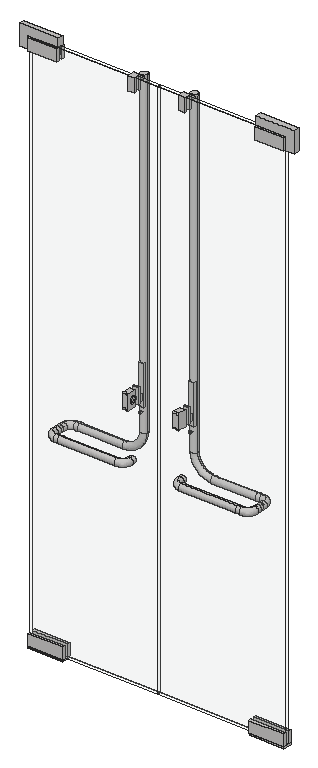
Revit family "Doors_Swing_Avanti_Systems_Pivot-Frameless-Pair-Swing-Door-Dbl-Glazed", category Doors, Revit 2015 (continued)
Definition of nested family "Pivot Door Bottom Free Swing Pivot Option"
  Dimensions and locks (in)
    plane 5 to plane 1 "Center (Front/Back)" to plane 4 = 0.41339" locked, 2.31496" locked
    plane 1 "Center (Front/Back)" to plane 6 = 3/16"
    locked: plane 8 to level at 0.45276
    locked: plane 9 to plane 10 at 0.45276
    "Glass Thickness Control": level to plane 9
    equal spacing: level, plane 11, plane 9
    plane 12 to plane 11 to plane 13 = 0.76969" locked, 0.76969" locked
    plane 7 to plane 14 to plane 15 to plane 3 "Center (Left/Right)" = 2.31507" locked, 4.03237" locked, 0.20769" locked
    locked: plane 17 to plane 4 at 0.57874
    locked: plane 16 to plane 7 at 0.40354
    locked: plane 19 to plane 16 at 0.70866
    locked: plane 20 to plane 3 "Center (Left/Right)" at 2.22678
    plane 21 to plane 11 to plane 22 = 0.62342" locked, 0.62342" locked
    plane 23 to plane 20 to plane 24 = 0.62342" locked, 0.62342" locked
    locked: plane 25 to plane 5 at 1.1811
    locked: plane 15 to plane 26 at 0.52066
    locked: plane 27 to plane 14 at 0.51485
    locked: plane 25 to plane 28 at 0.7874
    plane 1 "Center (Front/Back)" to plane 30 to plane 17 = 0.60237", 1.13386"
    locked: plane 9 to plane 32 at 0.25001
    locked: plane 31 to level at 0.25001
    locked: plane 7 to plane 33 at 0.03937
    locked: plane 34 to plane 3 "Center (Left/Right)" at 0.03937
    aligned and locked: plane 2 to Extrusion 1
    aligned and locked: level to Extrusion 1
    aligned and locked: Extrusion 2 sketch curve to plane 4
    aligned and locked: Extrusion 2 sketch curve to plane 3 "Center (Left/Right)"
    aligned and locked: Extrusion 2 sketch curve to plane 6
    aligned and locked: Extrusion 2 sketch curve to plane 7
    aligned and locked: plane 9 to Extrusion 2
    aligned and locked: plane 10 to Extrusion 2
    aligned and locked: Extrusion 3 sketch curve to plane 4
    aligned and locked: Extrusion 3 sketch curve to plane 7
    aligned and locked: Extrusion 3 sketch curve to plane 6
    aligned and locked: Extrusion 3 sketch curve to plane 3 "Center (Left/Right)"
    aligned and locked: Extrusion 4 sketch curve to plane 3 "Center (Left/Right)"
    aligned and locked: Extrusion 4 sketch curve to plane 4
    aligned and locked: Extrusion 4 sketch curve to plane 7
    aligned and locked: Extrusion 4 sketch curve to plane 6
    aligned and locked: plane 10 to Extrusion 3
    aligned and locked: plane 9 to Extrusion 3
    aligned and locked: Extrusion 4 to level
    aligned and locked: plane 8 to Extrusion 4
    aligned and locked: plane 6 to Extrusion 5
    aligned and locked: plane 3 "Center (Left/Right)" to Extrusion 6 sketch curve
    aligned and locked: plane 7 to Extrusion 6 sketch curve
    aligned and locked: Extrusion 6 to plane 13
    aligned and locked: Extrusion 6 to plane 12
  Automatic sketch dimensions
    Extrusion 1 sketch curve to Extrusion 1 sketch curve = 96"  (x2)
    Extrusion 5 sketch curve to plane 11 = 0"
    Extrusion 5 sketch curve to plane 26 = 0.00025"
    Extrusion 6 sketch curve to plane 1 "Center (Front/Back)" = 0.03198"
    plane 1 "Center (Front/Back)" to Extrusion 6 sketch curve = 0.14671"
    radius of Extrusion 5 sketch curve = 0.19685"
Definition of nested family "Pivot Door Top Free Swing Pivot"
  Parameters (values of type "Glass Thickness 8.0 mm")
    Youtube clip = "https://www.youtube.com/watch?time_continue=4&v=5oOBSi0owgs"
    Weight Net (Kg) = "0.63"
    Uniformat II Description = ""
    Uniformat II Code = ""
    Uniclass 2015 Name = ""
    Uniclass 2015 Code = ""
    Uniclass 2.0 Description = ""
    Uniclass 2.0 Code = ""
    Uniclass 1.4 Description = ""
    Uniclass 1.4 Code = ""
    URL = "http://www.colcomgroup.it"
    UNSPSC Code = ""
    Technical description = "http://www.minusco.com/images/pdf/schede-tecniche/05_PORTE_ESTERNE.pdf"
    Region South America = "All"
    Region Oceania = "All"
    Region North America = "All"
    Region Middle East = "All"
    Region Europe = "All"
    Region Asia = "All"
    Region Antarctica = "All"
    Region Africa = "All"
    QR code = "http://bimobject.com/colcom/product/Top-Hinge-Unica-100E20"
    Product url = "http://www.minusco.com/images/pdf/schede-tecniche/05_PORTE_ESTERNE.pdf"
    Product group = "Top Free hinge"
    Product family = "Glass Hardware"
    Product data url = "https://bimobject.com/colcom/product/Top-Hinge-Unica-100E20"
    Product certification = ""
    Product SKU = "Top-Hinge-Unica-100E20"
    Product Material [instance] = none
    Product Instructions = "Outer doors. Glass thickness from 8mm to 13,52mm .Maximum door width 1000mm. Maximum door weight 100 Kg."  # constant formula
    Product Guid = "7bd65d41-e2c5-4b08-8bdf-08c516c9f22f"
    OmniClass Description = ""
    OmniClass Code = ""
    Nominal width = 6.5748"
    Nominal height = 2.20472"
    NBS Reference Description = ""
    NBS Reference Code = ""
    Model = "Top Hinge Unica 100E20"
    Material secondary = "Steel"
    Material main = "Aluminium"
    Masterformat 2014 Description = ""
    Masterformat 2014 Code = ""
    Manufacturer name = "Colcom"
    Manufacturer country = "Italy"
    Manufacturer = "Colcom"
    Keynote = "08700"
    Installation instructions = ""
    IFC Classification = ""
    Glass Thickness Control [instance] = 0.31496"
    Glass Thickness = 0"
    Edition number = 1
    EAN code = ""
    Design country = "Italy"
    Description = "Top hinge for Hydraulic Hinge 101E10/101E10NF/101E10SF/101E10L"
    Default Elevation = 0"
    Date of publishing = ""
    COBIe Type Category = ""
    Brand url = ""
    BIMobject main category code = ""
    BIMobject main category = ""
    BIMobject category code = ""
    BIMobject category = ""
    Assembly Code = "C1020410"
  Reference planes (in)
    plane 1 "Center (Front/Back)": y = 0
    plane 2: z = 0
    plane 3 "Center (Left/Right)": x = 0
    plane 4: y = 2.31496
    plane 5: y = -0.41339
    plane 6: y = 0.11024
    plane 7: x = 5.5
    plane 8: z = 0.45276
    plane 9: z = -0.31496
    plane 10: z = -0.76772
    plane 11: z = -0.15748
    plane 12: z = 0.6122
    plane 13: z = -0.92717
    plane 14: x = 4.24005
    plane 15: x = 0.20769
    plane 16: x = 5.09646
    plane 17: y = 1.73622
    plane 18: x = 4.3878
    plane 19: x = 2.22678
    plane 20: z = 0.46594
    plane 21: z = -0.7809
    plane 22: x = 1.60336
    plane 23: x = 2.85019
    plane 24: y = -1.59449
    plane 25: x = 0.72835
    plane 26: x = 3.72521
    plane 27: y = -0.80709
    plane 28: y = 1.98032
    plane 29: y = 0.60237
    plane 30: z = 0.25001
    plane 31: z = -0.56497
    plane 32: x = 5.53937
    plane 33: x = -0.03937
    plane 34: y = 1.2126
    plane 35: y = 0.41339
    plane 36: y = 0.68898
    plane 37: y = 2.23622
  Forms (in)
    Extrusion 1, solid
      sketch origin (0, 0, 0) x (1, 0, 0) y (0, 1, 0)
        loop
          line (-48, 48) -> (-48, -48) -> (48, -48) -> (48, 48) -> (-48, 48)
      from 0 to -12
    Extrusion 2, solid, material <- "Product Material"
      sketch origin (3.06299, -180, -0.5315) x (-1, 0, 0) y (0, -1, 0)
        loop
          line (-2.43701, -182.31496) -> (3.06299, -182.31496) -> (3.06299, -180.11024) -> (-2.43701, -180.11024) -> (-2.43701, -182.31496)
      from -0.23622 to 0.21654
    Extrusion 3, solid, material <- "Product Material"
      sketch origin (3.06299, -180, -0.5315) x (-1, 0, 0) y (0, -1, 0)
        loop
          line (-2.43701, -182.31496) -> (3.06299, -182.31496) -> (3.06299, -180.11024) -> (-2.43701, -180.11024) -> (-2.43701, -182.31496)
      from 0.5315 to 0.98425
    Extrusion 4, solid, material <- "Product Material"
      sketch origin (3.06299, -180, -0.5315) x (-1, 0, 0) y (0, -1, 0)
        loop
          line (2.85531, -182.31496) -> (2.85531, -180.68898) -> (-2.03346, -180.68898) -> (-2.03346, -182.31496) -> (2.85531, -182.31496)
      from 0.21654 to 0.5315
  Dimensions and locks (in)
    plane 5 to plane 1 "Center (Front/Back)" to plane 4 = 0.41339" locked, 2.31496" locked
    locked: plane 1 "Center (Front/Back)" to plane 6 at 0.11024
    locked: plane 8 to level at 0.45276
    locked: plane 9 to plane 10 at 0.45276
    "Glass Thickness Control": level to plane 9
    equal spacing: level, plane 11, plane 9
    plane 12 to plane 11 to plane 13 = 0.76969" locked, 0.76969" locked
    locked: plane 17 to plane 4 at 0.57874
    locked: plane 16 to plane 7 at 0.40354
    locked: plane 18 to plane 16 at 0.70866
    locked: plane 19 to plane 3 "Center (Left/Right)" at 2.22678
    plane 20 to plane 11 to plane 21 = 0.62342" locked, 0.62342" locked
    plane 22 to plane 19 to plane 23 = 0.62342" locked, 0.62342" locked
    locked: plane 24 to plane 5 at 1.1811
    locked: plane 15 to plane 25 at 0.52066
    locked: plane 26 to plane 14 at 0.51485
    locked: plane 24 to plane 27 at 0.7874
    plane 1 "Center (Front/Back)" to plane 29 to plane 17 = 0.60237", 1.13386"
    locked: plane 9 to plane 31 at 0.25001
    locked: plane 30 to level at 0.25001
    locked: plane 7 to plane 32 at 0.03937
    locked: plane 33 to plane 3 "Center (Left/Right)" at 0.03937
    equal spacing: plane 6, plane 34, plane 4
    locked: plane 36 to plane 6 at 0.57874
    locked: plane 37 to plane 4 at 0.07874
    Extrusion 3 to Extrusion 3 = 5 1/2"
    locked: plane 7 to plane 33 at 5.53937
    aligned and locked: plane 2 to Extrusion 1
    aligned and locked: level to Extrusion 1
    aligned and locked: Extrusion 2 sketch curve to plane 4
    aligned and locked: Extrusion 2 sketch curve to plane 3 "Center (Left/Right)"
    aligned and locked: Extrusion 2 sketch curve to plane 6
    aligned and locked: Extrusion 2 sketch curve to plane 7
    aligned and locked: Extrusion 3 sketch curve to plane 4
    aligned and locked: Extrusion 3 sketch curve to plane 3 "Center (Left/Right)"
    aligned and locked: Extrusion 3 sketch curve to plane 6
    aligned and locked: Extrusion 3 sketch curve to plane 7
    aligned and locked: Extrusion 3 to level
    aligned and locked: plane 8 to Extrusion 3
    aligned and locked: plane 9 to Extrusion 2
    aligned and locked: plane 10 to Extrusion 2
    aligned and locked: Extrusion 4 sketch curve to plane 16
    aligned and locked: Extrusion 4 sketch curve to plane 15
    aligned and locked: Extrusion 4 to plane 9
    aligned and locked: level to Extrusion 4
    aligned and locked: plane 4 to Extrusion 4 sketch curve
    aligned and locked: plane 36 to Extrusion 4 sketch curve
  Automatic sketch dimensions
    Extrusion 1 sketch curve to Extrusion 1 sketch curve = 96"  (x2)
Definition of nested family "Recessed Floor Closer - Elevation"
  Reference planes (in)
    plane 1 "Center (Front/Back)": y = 0
    plane 2: z = 0
    plane 3 "Center (Left/Right)": x = 0
  Lines and regions (in)
    model lines, in view "Ref. Level"
      curve 1: line (7.18456, 0, 0) -> (7.53314, 0, 0)
      curve 2: line (-2.0721, -0.11624, 0) -> (-3.00164, -0.11624, 0)
      curve 3: line (8.89669, -0.11624, 0) -> (8.38522, -0.11624, 0)
      curve 4: line (-1.84, 0, 0) -> (-1.55577, 0, 0)
      curve 5: line (-1.55577, 0, 0) -> (-1.49142, 0, 0)
      curve 6: arc (0.61969, 0, 0) -> (0.65371, -0.08219, 0) -> (0.73589, -0.11624, 0) r 0.11619
      curve 7: arc (-0.73589, -0.11624, 0) -> (-0.65372, -0.08221, 0) -> (-0.61969, -0.00005, 0) r 0.11619
      curve 8: line (8.32712, -0.11624, 0) -> (8.32712, -2.22707, 0)
      curve 9: line (8.32712, -2.22707, 0) -> (-2.014, -2.22707, 0)
      curve 10: line (-2.014, -2.22707, 0) -> (-2.014, -0.11624, 0)
      curve 11: arc (4.93697, -0.32926, 0) -> (5.02675, -0.36198, 0) -> (5.12145, -0.37467, 0) r 0.44269
      curve 12: arc (6.01869, -0.50358, 0) -> (5.97995, -0.40943, 0) -> (5.88426, -0.37467, 0) r 0.12595
      curve 13: arc (-0.98859, -2.01405, 0) -> (-1.01198, -1.96981, 0) -> (-1.05754, -1.9491, 0) r 0.07746
      curve 14: arc (2.23102, -1.9324, 0) -> (2.26915, -1.91661, 0) -> (2.28494, -1.87849, 0) r 0.05391
      curve 15: arc (-0.98859, -2.01405, 0) -> (-1.01198, -1.96981, 0) -> (-1.05754, -1.9491, 0) r 0.07746
      curve 16: line (4.05806, -1.49349, 0) -> (4.06976, -1.51341, 0)
      curve 17: line (4.05806, -1.40163, 0) -> (4.0949, -1.42913, 0)
      curve 18: line (2.3963, -1.87849, 0) -> (2.36082, -1.98804, 0)
      curve 19: line (2.33499, -2.01405, 0) -> (2.43976, -1.99686, 0)
      curve 20: line (2.43976, -1.99686, 0) -> (2.5209, -2.01405, 0)
      curve 21: line (2.36082, -1.98804, 0) -> (2.32981, -2.01405, 0)
      curve 22: line (2.3963, -1.87849, 0) -> (2.39485, -0.368, 0)
      curve 23: line (2.51583, -0.25184, 0) -> (2.51602, -0.2713, 0)
      curve 24: line (5.09475, -0.15497, 0) -> (5.12145, -0.1649, 0)
      curve 25: line (2.51583, -0.16218, 0) -> (2.51504, -0.15497, 0)
      curve 26: line (2.3111, -0.33011, 0) -> (2.32193, -0.3217, 0)
      curve 27: line (2.28494, -0.36799, 0) -> (2.3111, -0.33011, 0)
      curve 28: line (2.32193, -0.3217, 0) -> (2.39732, -0.2818, 0)
      curve 29: line (2.51602, -0.2713, 0) -> (2.47831, -0.28084, 0)
      curve 30: line (2.47228, -0.29053, 0) -> (2.39485, -0.36799, 0)
      curve 31: line (2.47228, -0.29053, 0) -> (2.39485, -0.368, 0)
      curve 32: line (4.93697, -0.32926, 0) -> (4.80856, -0.29053, 0)
      curve 33: line (5.86382, -1.53009, 0) -> (6.11965, -1.27426, 0)
      curve 34: line (5.94518, -0.29317, 0) -> (6.06391, -0.29317, 0)
      curve 35: line (6.09155, -0.29317, 0) -> (6.06391, -0.29317, 0)
      curve 36: line (6.11965, -0.30669, 0) -> (6.09155, -0.29317, 0)
      curve 37: line (7.11028, -0.16408, 0) -> (7.10882, -0.15646, 0)
      curve 38: line (4.06517, -1.85715, 0) -> (4.05806, -1.84734, 0)
      curve 39: line (5.91956, -0.16845, 0) -> (5.92391, -0.15497, 0)
      curve 40: line (-1.53415, -0.15497, 0) -> (-1.53612, -0.16371, 0)
      curve 41: line (5.86382, -1.42913, 0) -> (6.01869, -1.27426, 0)
      curve 42: line (5.94518, -0.29317, 0) -> (5.91956, -0.27169, 0)
      curve 43: line (4.06976, -1.51341, 0) -> (4.09028, -1.53009, 0)
      curve 44: line (4.06517, -1.87849, 0) -> (4.08977, -1.9324, 0)
      curve 45: line (7.08568, -1.9324, 0) -> (7.11028, -1.87849, 0)
      curve 46: arc (7.62029, -0.1356, 0) -> (7.61461, -0.12191, 0) -> (7.60092, -0.11624, 0) r 0.01937
      curve 47: arc (3.91178, -0.81339, 0) -> (3.90611, -0.7997, 0) -> (3.89241, -0.79403, 0) r 0.01937
      curve 48: arc (3.66003, -0.79403, 0) -> (3.64634, -0.7997, 0) -> (3.64066, -0.81339, 0) r 0.01937
      curve 49: arc (7.19425, -0.11624, 0) -> (7.18055, -0.12191, 0) -> (7.17488, -0.1356, 0) r 0.01937
      curve 50: arc (-1.89781, -1.83976, 0) -> (-1.87512, -1.89453, 0) -> (-1.82035, -1.91722, 0) r 0.07746
      curve 51: arc (-1.26843, -0.11624, 0) -> (-1.28213, -0.12191, 0) -> (-1.2878, -0.1356, 0) r 0.01937
      curve 52: arc (1.2878, -0.1356, 0) -> (1.28213, -0.12191, 0) -> (1.26843, -0.11624, 0) r 0.01937
      curve 53: arc (-1.26843, -0.11624, 0) -> (-1.28213, -0.12191, 0) -> (-1.2878, -0.1356, 0) r 0.01937
      curve 54: arc (3.53321, -1.82622, 0) -> (3.54456, -1.85361, 0) -> (3.57195, -1.86496, 0) r 0.03873
      curve 55: arc (4.05806, -1.35947, 0) -> (4.04672, -1.33209, 0) -> (4.01933, -1.32074, 0) r 0.03873
      curve 56: arc (3.57195, -1.32074, 0) -> (3.54456, -1.33209, 0) -> (3.53321, -1.35947, 0) r 0.03873
      curve 57: line (7.59124, -0.30989, 0) -> (7.62029, -0.30989, 0)
      curve 58: line (7.62029, -0.30989, 0) -> (7.62029, -0.1356, 0)
      curve 59: line (7.62029, -0.1356, 0) -> (7.62029, -0.30989, 0)
      curve 60: line (7.60092, -0.11624, 0) -> (7.48666, -0.11624, 0)
      curve 61: line (3.68327, -1.86689, 0) -> (3.68327, -2.22707, 0)
      curve 62: line (3.68327, -2.22707, 0) -> (3.86918, -2.22707, 0)
      curve 63: line (3.86918, -2.22707, 0) -> (3.86918, -1.86689, 0)
      curve 64: line (3.89241, -0.94895, 0) -> (3.89241, -0.97914, 0)
      curve 65: line (3.89241, -0.97914, 0) -> (3.89241, -1.32074, 0)
      curve 66: line (4.01933, -1.32074, 0) -> (3.89241, -1.32074, 0)
      curve 67: line (3.89241, -1.32074, 0) -> (3.66003, -1.32074, 0)
      curve 68: line (3.66003, -1.32074, 0) -> (3.66003, -0.97914, 0)
      curve 69: line (3.66003, -0.97914, 0) -> (3.66003, -0.94895, 0)
      curve 70: line (3.89241, -0.79403, 0) -> (3.81495, -0.79403, 0)
      curve 71: line (3.81495, -0.79403, 0) -> (3.80527, -0.85212, 0)
      curve 72: line (3.80527, -0.85212, 0) -> (3.74717, -0.85212, 0)
      curve 73: line (3.74717, -0.85212, 0) -> (3.73749, -0.79403, 0)
      curve 74: line (3.73749, -0.79403, 0) -> (3.66003, -0.79403, 0)
      curve 75: line (3.64066, -0.81339, 0) -> (3.64066, -0.94895, 0)
      curve 76: line (3.64066, -0.94895, 0) -> (3.91178, -0.94895, 0)
      curve 77: line (3.91178, -0.94895, 0) -> (3.91178, -0.81339, 0)
      curve 78: line (7.20393, -0.17433, 0) -> (7.22329, -0.17433, 0)
      curve 79: line (7.22329, -0.17433, 0) -> (7.59124, -0.17433, 0)
      curve 80: line (7.59124, -0.17433, 0) -> (7.59124, -0.32926, 0)
      curve 81: line (7.59124, -0.32926, 0) -> (7.23298, -0.32926, 0)
      curve 82: line (7.23298, -0.32926, 0) -> (7.20393, -0.32926, 0)
      curve 83: line (7.20393, -0.32926, 0) -> (7.20393, -0.17433, 0)
      curve 84: line (7.19425, -0.40672, 0) -> (7.23298, -0.40672, 0)
      curve 85: line (7.23298, -0.40672, 0) -> (7.64933, -0.40672, 0)
      curve 86: line (7.64933, -0.40672, 0) -> (7.64933, -0.32926, 0)
      curve 87: line (7.64933, -0.32926, 0) -> (7.23298, -0.32926, 0)
      curve 88: line (7.23298, -0.32926, 0) -> (7.19425, -0.32926, 0)
      curve 89: line (7.19425, -0.32926, 0) -> (7.14583, -0.32926, 0)
      curve 90: line (7.14583, -0.32926, 0) -> (7.14583, -0.40672, 0)
      curve 91: line (7.14583, -0.40672, 0) -> (7.19425, -0.40672, 0)
      curve 92: line (7.19425, -0.40672, 0) -> (7.23298, -0.40672, 0)
      curve 93: line (7.23298, -0.40672, 0) -> (7.52346, -0.40672, 0)
      curve 94: line (7.17488, -0.1356, 0) -> (7.17488, -0.30989, 0)
      curve 95: line (7.17488, -0.30989, 0) -> (7.20393, -0.30989, 0)
      curve 96: line (7.55251, -0.11624, 0) -> (7.46343, -0.11624, 0)
      curve 97: line (7.26203, -1.10387, 0) -> (7.26203, -0.96057, 0)
      curve 98: line (7.26203, -0.96057, 0) -> (7.11872, -0.96057, 0)
      curve 99: line (7.11872, -0.96057, 0) -> (7.11872, -0.40672, 0)
      curve 100: line (7.11872, -0.40672, 0) -> (7.24266, -0.40672, 0)
      curve 101: line (7.24266, -0.40672, 0) -> (7.43631, -0.40672, 0)
      curve 102: line (7.43631, -0.40672, 0) -> (7.64933, -0.40672, 0)
      curve 103: line (7.64933, -0.40672, 0) -> (7.64933, -1.80103, 0)
      curve 104: line (7.64933, -1.80103, 0) -> (7.43631, -1.97532, 0)
      curve 105: line (7.43631, -1.97532, 0) -> (7.11872, -1.97532, 0)
      curve 106: line (7.11872, -1.97532, 0) -> (7.11872, -1.56864, 0)
      curve 107: line (7.11872, -1.56864, 0) -> (7.26203, -1.56864, 0)
      curve 108: line (7.26203, -1.56864, 0) -> (7.26203, -0.96057, 0)
      curve 109: line (7.43631, -1.97532, 0) -> (7.43631, -0.52291, 0)
      curve 110: line (7.43631, -0.52291, 0) -> (7.64933, -0.52291, 0)
      curve 111: line (7.43631, -0.52291, 0) -> (7.24266, -0.52291, 0)
      curve 112: line (7.24266, -0.52291, 0) -> (7.11872, -0.52291, 0)
      curve 113: line (7.1652, -1.56864, 0) -> (7.1652, -0.96057, 0)
      curve 114: line (-1.83971, -0.48418, 0) -> (-1.83971, -1.10387, 0)
      curve 115: line (-1.83971, -1.10387, 0) -> (-1.83971, -1.85912, 0)
      curve 116: line (-1.83971, -1.85912, 0) -> (-1.52987, -1.85912, 0)
      curve 117: line (-1.52987, -1.85912, 0) -> (-1.52987, -1.91722, 0)
      curve 118: line (-1.52987, -1.91722, 0) -> (-1.60249, -1.91722, 0)
      curve 119: line (-1.60249, -1.91722, 0) -> (-1.82035, -1.91722, 0)
      curve 120: line (-1.89781, -1.83976, 0) -> (-1.89781, -1.15132, 0)
      curve 121: line (-1.89781, -1.15132, 0) -> (-1.89781, -1.10387, 0)
      curve 122: line (-1.89781, -1.10387, 0) -> (-1.89781, -0.49386, 0)
      curve 123: line (-1.89781, -0.49386, 0) -> (-1.89781, -0.48418, 0)
      curve 124: line (-1.89781, -0.48418, 0) -> (-1.83971, -0.48418, 0)
      curve 125: line (-1.83971, -0.48418, 0) -> (-1.83971, -0.5384, 0)
      curve 126: line (-1.2878, -0.1356, 0) -> (-1.2878, -0.15497, 0)
      curve 127: line (-0.73589, -0.11624, 0) -> (0, -0.11624, 0)
      curve 128: line (0, -0.11624, 0) -> (0.73589, -0.11624, 0)
      curve 129: line (1.2878, -0.15497, 0) -> (1.2878, -0.1356, 0)
      curve 130: line (-0.74557, -0.11624, 0) -> (-1.26843, -0.11624, 0)
      curve 131: line (3.53321, -1.82622, 0) -> (3.53321, -1.35947, 0)
      curve 132: line (3.57195, -1.86496, 0) -> (3.66003, -1.86496, 0)
      curve 133: line (3.66003, -1.86496, 0) -> (3.89241, -1.86496, 0)
      curve 134: line (3.89241, -1.86496, 0) -> (4.05806, -1.86496, 0)
      curve 135: line (4.05806, -1.86496, 0) -> (4.05806, -1.85445, 0)
      curve 136: line (4.05806, -1.84734, 0) -> (4.05806, -1.85445, 0)
      curve 137: line (4.05806, -1.85445, 0) -> (4.05806, -1.49349, 0)
      curve 138: line (4.05806, -1.49349, 0) -> (4.05806, -1.40163, 0)
      curve 139: line (4.05806, -1.40163, 0) -> (4.05806, -1.38844, 0)
      curve 140: line (4.05806, -1.38844, 0) -> (4.05806, -1.35947, 0)
      curve 141: line (3.66003, -1.32074, 0) -> (3.57195, -1.32074, 0)
      curve 142: line (5.12145, -0.37467, 0) -> (5.12145, -0.1649, 0)
      curve 143: line (5.12145, -0.1649, 0) -> (5.12145, -0.37467, 0)
      curve 144: line (5.12145, -0.37467, 0) -> (5.86772, -0.37467, 0)
      curve 145: line (5.86772, -0.37467, 0) -> (5.88426, -0.37467, 0)
      curve 146: line (6.01869, -0.50358, 0) -> (6.01869, -1.27426, 0)
      curve 147: line (6.01869, -1.27426, 0) -> (6.01869, -0.50358, 0)
      curve 148: line (3.68327, -2.01405, 0) -> (2.55854, -2.01405, 0)
      curve 149: line (2.55854, -2.01405, 0) -> (2.5209, -2.01405, 0)
      curve 150: line (-0.98859, -2.01405, 0) -> (2.23102, -2.01405, 0)
      curve 151: line (2.23102, -2.01405, 0) -> (2.306, -2.01405, 0)
      curve 152: line (2.306, -2.01405, 0) -> (2.32981, -2.01405, 0)
      curve 153: line (2.28494, -1.87849, 0) -> (2.28494, -0.36799, 0)
      curve 154: line (2.51583, -0.25184, 0) -> (2.51583, -0.16218, 0)
      curve 155: line (5.86772, -0.15497, 0) -> (5.10856, -0.15497, 0)
      curve 156: line (5.10856, -0.15497, 0) -> (5.09475, -0.15497, 0)
      curve 157: line (5.09475, -0.15497, 0) -> (5.0365, -0.15497, 0)
      curve 158: line (5.0365, -0.15497, 0) -> (5.02826, -0.15497, 0)
      curve 159: line (5.02826, -0.15497, 0) -> (4.93742, -0.15497, 0)
      curve 160: line (4.93742, -0.15497, 0) -> (4.93697, -0.32926, 0)
      curve 161: line (4.80856, -0.29053, 0) -> (4.74402, -0.29053, 0)
      curve 162: line (4.74402, -0.29053, 0) -> (4.73572, -0.29053, 0)
      curve 163: line (4.73572, -0.29053, 0) -> (2.81287, -0.29053, 0)
      curve 164: line (2.81287, -0.29053, 0) -> (2.55113, -0.29053, 0)
      curve 165: line (2.55113, -0.29053, 0) -> (2.49738, -0.29053, 0)
      curve 166: line (2.49738, -0.29053, 0) -> (2.47228, -0.29053, 0)
      curve 167: line (2.47228, -0.29053, 0) -> (2.46333, -0.29053, 0)
      curve 168: line (4.93742, -0.15497, 0) -> (4.73572, -0.15497, 0)
      curve 169: line (4.73572, -0.15691, 0) -> (2.7403, -0.15691, 0)
      curve 170: line (2.7403, -0.15497, 0) -> (2.51504, -0.15497, 0)
      curve 171: line (2.51504, -0.15497, 0) -> (2.4564, -0.15497, 0)
      curve 172: line (2.4564, -0.15497, 0) -> (2.44879, -0.15497, 0)
      curve 173: line (2.44879, -0.15497, 0) -> (2.39732, -0.15497, 0)
      curve 174: line (6.11965, -0.30669, 0) -> (6.11965, -0.31568, 0)
      curve 175: line (6.11965, -0.31568, 0) -> (6.11965, -1.27426, 0)
      curve 176: line (-1.60733, -0.15497, 0) -> (-1.60733, -0.8133, 0)
      curve 177: line (-1.60733, -0.8133, 0) -> (-1.72352, -0.8133, 0)
      curve 178: line (-1.72352, -0.8133, 0) -> (-1.73901, -0.8133, 0)
      curve 179: line (2.23102, -1.9324, 0) -> (-1.22785, -1.9324, 0)
      curve 180: line (-1.22785, -1.9324, 0) -> (-1.05754, -1.9491, 0)
      curve 181: line (-1.05754, -1.9491, 0) -> (-1.22785, -1.9324, 0)
      curve 182: line (-1.22785, -1.9324, 0) -> (-1.5105, -1.90469, 0)
      curve 183: line (-1.5105, -1.90469, 0) -> (-1.5105, -1.85912, 0)
      curve 184: line (-1.5105, -1.85912, 0) -> (-1.60733, -1.85912, 0)
      curve 185: line (-1.60733, -1.85912, 0) -> (-1.60733, -1.00695, 0)
      curve 186: line (-1.60733, -1.00695, 0) -> (-1.72352, -1.00695, 0)
      curve 187: line (-1.72352, -1.00695, 0) -> (-1.73901, -1.00695, 0)
      curve 188: line (-1.73901, -1.00695, 0) -> (-1.73901, -1.40588, 0)
      curve 189: line (-1.73901, -1.40588, 0) -> (-1.8152, -1.40588, 0)
      curve 190: line (-1.8152, -1.40588, 0) -> (-1.83971, -1.40588, 0)
      curve 191: line (-1.83971, -1.40588, 0) -> (-1.83971, -1.41574, 0)
      curve 192: line (-1.83971, -1.41574, 0) -> (-1.83971, -1.85912, 0)
      curve 193: line (-1.83971, -1.85912, 0) -> (-1.72836, -1.85912, 0)
      curve 194: line (-1.72836, -1.85912, 0) -> (-1.60733, -1.85912, 0)
      curve 195: line (-1.60733, -0.8133, 0) -> (-1.54923, -0.8133, 0)
      curve 196: line (-1.54923, -0.8133, 0) -> (-1.53612, -0.8133, 0)
      curve 197: line (-1.53612, -1.85912, 0) -> (-1.53612, -0.16371, 0)
      curve 198: line (2.39732, -0.2818, 0) -> (2.39732, -0.15497, 0)
      curve 199: line (2.39732, -0.15497, 0) -> (1.39431, -0.15497, 0)
      curve 200: line (1.39431, -0.15497, 0) -> (0.51053, -0.15497, 0)
      curve 201: line (0.51053, -0.15497, 0) -> (0.51053, -0.23243, 0)
      curve 202: line (0.51053, -0.23243, 0) -> (-0.51053, -0.23243, 0)
      curve 203: line (-0.51053, -0.23243, 0) -> (-0.51053, -0.15497, 0)
      curve 204: line (-1.73901, -1.00695, 0) -> (-1.73901, -0.8133, 0)
      curve 205: line (-1.73901, -0.8133, 0) -> (-1.83971, -0.8133, 0)
      curve 206: line (-1.83971, -0.8133, 0) -> (-1.83971, -0.46472, 0)
      curve 207: line (-1.83971, -0.46472, 0) -> (-1.89781, -0.46472, 0)
      curve 208: line (-1.89781, -0.46472, 0) -> (-1.89781, -0.15875, 0)
      curve 209: line (-1.89781, -0.15875, 0) -> (-1.60733, -0.15497, 0)
      curve 210: line (-1.60733, -0.15497, 0) -> (-1.54854, -0.15497, 0)
      curve 211: line (-1.54854, -0.15497, 0) -> (-1.53415, -0.15497, 0)
      curve 212: line (-1.53415, -0.15497, 0) -> (-1.39431, -0.15497, 0)
      curve 213: line (-1.39431, -0.15497, 0) -> (-0.51053, -0.15497, 0)
      curve 214: line (-1.60733, -1.00695, 0) -> (-1.54923, -1.00695, 0)
      curve 215: line (-1.54923, -1.00695, 0) -> (-1.53612, -1.00695, 0)
      curve 216: line (7.11028, -1.87849, 0) -> (7.11028, -0.16408, 0)
      curve 217: line (5.86772, -0.37467, 0) -> (5.86772, -0.1649, 0)
      curve 218: line (5.86772, -0.1649, 0) -> (5.86772, -0.15497, 0)
      curve 219: line (5.86772, -0.15497, 0) -> (5.9086, -0.15497, 0)
      curve 220: line (5.9086, -0.15497, 0) -> (5.92391, -0.15497, 0)
      curve 221: line (5.92391, -0.15497, 0) -> (7.10815, -0.15497, 0)
      curve 222: line (7.10815, -0.15497, 0) -> (7.11543, -0.15497, 0)
      curve 223: line (7.11543, -0.15497, 0) -> (7.11872, -0.16524, 0)
      curve 224: line (5.86382, -1.53009, 0) -> (5.33754, -1.53009, 0)
      curve 225: line (5.33754, -1.53009, 0) -> (5.08104, -1.53009, 0)
      curve 226: line (5.08104, -1.53009, 0) -> (4.95588, -1.53009, 0)
      curve 227: line (4.95588, -1.53009, 0) -> (4.09028, -1.53009, 0)
      curve 228: line (4.06517, -1.85715, 0) -> (4.06517, -1.87849, 0)
      curve 229: line (4.0949, -1.42913, 0) -> (4.95357, -1.42913, 0)
      curve 230: line (4.95357, -1.42913, 0) -> (5.86382, -1.42913, 0)
      curve 231: line (5.91956, -0.27169, 0) -> (5.91956, -0.16845, 0)
      curve 232: line (4.08977, -1.9324, 0) -> (7.08568, -1.9324, 0)
      curve 233: line (7.11872, -0.16524, 0) -> (7.11872, -1.87849, 0)
      curve 234: line (7.11872, -1.87849, 0) -> (7.11872, -2.01405, 0)
      curve 235: line (7.11872, -2.01405, 0) -> (7.08706, -2.01405, 0)
      curve 236: line (3.86918, -2.01405, 0) -> (7.08706, -2.01405, 0)
      curve 237: line (-1.51885, -2.22707, 0) -> (-1.51885, -1.85696, 0)
      curve 238: line (-1.70476, -1.91722, 0) -> (-1.70476, -2.22707, 0)
      curve 239: line (-3.00164, -0.11624, 0) -> (-1.80592, -0.11624, 0)
      curve 240: line (-1.80592, -0.11624, 0) -> (-1.59338, -0.11624, 0)
      curve 241: line (-1.59338, -0.11624, 0) -> (-1.5255, -0.11624, 0)
      curve 242: line (-1.5255, -0.11624, 0) -> (-0.76493, -0.11624, 0)
      curve 243: line (7.21864, -0.11624, 0) -> (0.7262, -0.11624, 0)
      curve 244: line (0.7262, -0.11624, 0) -> (7.21864, -0.11624, 0)
      curve 245: line (7.21864, -0.11624, 0) -> (7.43199, -0.11624, 0)
      curve 246: line (7.43199, -0.11624, 0) -> (7.49906, -0.11624, 0)
      curve 247: line (7.49906, -0.11624, 0) -> (8.89669, -0.11624, 0)
      curve 248: line (7.62029, -0.11624, 0) -> (8.32712, -0.11624, 0)
      curve 249: line (8.32712, -0.11624, 0) -> (8.38522, -0.11624, 0)
      curve 250: line (-2.0721, -0.11624, 0) -> (-2.014, -0.11624, 0)
      curve 251: line (-2.014, -0.11624, 0) -> (-1.8339, -0.11624, 0)
      curve 252: arc (0.42023, 0.12764, 0) -> (0.43163, 0.10388, 0) -> (0.4571, 0.09713, 0) r 0.03147
      curve 253: arc (-0.4571, 0.09713, 0) -> (-0.43163, 0.10388, 0) -> (-0.42023, 0.12764, 0) r 0.03147
      curve 254: arc (0.61969, -0.00005, 0) -> (0.60835, 0.02734, 0) -> (0.58096, 0.03869, 0) r 0.03873
      curve 255: arc (-0.58096, 0.03869, 0) -> (-0.60835, 0.02734, 0) -> (-0.61969, -0.00005, 0) r 0.03873
      curve 256: line (0.48414, 0.03869, 0) -> (0.48414, 0.0503, 0)
      curve 257: line (0.48414, 0.0503, 0) -> (0.4571, 0.09713, 0)
      curve 258: line (-0.48414, 0.03869, 0) -> (-0.48414, 0.0503, 0)
      curve 259: line (-0.48414, 0.0503, 0) -> (-0.4571, 0.09713, 0)
      curve 260: line (0.42023, 0.12764, 0) -> (0.42023, 0.3098, 0)
      curve 261: line (0.42023, 0.3098, 0) -> (0.42023, 0.55175, 0)
      curve 262: line (0.42023, 0.55175, 0) -> (0.38438, 0.75509, 0)
      curve 263: line (0.38438, 0.75509, 0) -> (0.34564, 0.79382, 0)
      curve 264: line (0.34564, 0.79382, 0) -> (0.27875, 0.79382, 0)
      curve 265: line (0.27875, 0.79382, 0) -> (0.06197, 0.79382, 0)
      curve 266: line (0.06197, 0.79382, 0) -> (-0.06197, 0.79382, 0)
      curve 267: line (-0.06197, 0.79382, 0) -> (-0.27875, 0.79382, 0)
      curve 268: line (-0.27875, 0.79382, 0) -> (-0.34564, 0.79382, 0)
      curve 269: line (-0.34564, 0.79382, 0) -> (-0.38438, 0.75509, 0)
      curve 270: line (-0.38438, 0.75509, 0) -> (-0.42023, 0.55175, 0)
      curve 271: line (-0.42023, 0.55175, 0) -> (-0.42023, 0.3098, 0)
      curve 272: line (-0.42023, 0.3098, 0) -> (-0.42023, 0.12764, 0)
      curve 273: line (-0.58096, 0.03869, 0) -> (0, 0.03869, 0)
      curve 274: line (0, 0.03869, 0) -> (0.58096, 0.03869, 0)
      curve 275: line (-3.00164, 0, 0) -> (-1.84, 0, 0)
      curve 276: line (-1.49142, 0, 0) -> (-0.75525, 0, 0)
      curve 277: line (-0.75525, 0, 0) -> (-0.61969, 0, 0)
      curve 278: line (0.61969, 0, 0) -> (0.71652, 0, 0)
      curve 279: line (0.71652, 0, 0) -> (7.18456, 0, 0)
      curve 280: line (8.89669, -0.11624, 0) -> (8.90808, -0.05927, 0)
      curve 281: line (8.90808, -0.05927, 0) -> (8.52653, 0, 0)
      curve 282: line (8.52653, 0, 0) -> (7.53314, 0, 0)
      curve 283: line (8.38522, -0.11624, 0) -> (8.38522, -2.28516, 0)
      curve 284: line (8.38522, -2.28516, 0) -> (-2.0721, -2.28516, 0)
      curve 285: line (-2.0721, -2.28516, 0) -> (-2.0721, -0.11624, 0)
      curve 286: line (7.2869, -0.11624, 0) -> (7.19425, -0.11624, 0)
      curve 287: line (1.26843, -0.11624, 0) -> (0.74557, -0.11624, 0)
      curve 288: line (0.74557, -0.11624, 0) -> (0.73589, -0.11624, 0)
      curve 289: line (-0.73589, -0.11624, 0) -> (-0.74557, -0.11624, 0)
      curve 290: line (-1.70476, -2.22707, 0) -> (-1.51885, -2.22707, 0)
      curve 291: line (-3.00164, 0, 0) -> (-3.00164, -0.11624, 0)
      curve 292: line (-3.00164, -0.0581, 0) -> (-1.86406, -0.0581, 0)
      curve 293: line (-1.86406, -0.0581, 0) -> (-1.80592, -0.11624, 0)
      curve 294: line (-1.80592, -0.11624, 0) -> (-1.76254, -0.07746, 0)
      curve 295: line (-1.76254, -0.07746, 0) -> (-1.84, 0, 0)
      curve 296: line (-0.63523, -0.0581, 0) -> (-0.75525, -0.0581, 0)
      curve 297: line (-0.75525, -0.0581, 0) -> (-0.75525, 0, 0)
      curve 298: line (-0.75525, 0, 0) -> (-0.75525, -0.0581, 0)
      curve 299: line (-0.75525, -0.0581, 0) -> (-1.46736, -0.0581, 0)
      curve 300: line (-1.46736, -0.0581, 0) -> (-1.5255, -0.11624, 0)
      curve 301: line (-1.5278, -0.11624, 0) -> (-1.56888, -0.07746, 0)
      curve 302: line (-1.56888, -0.07746, 0) -> (-1.49142, 0, 0)
      curve 303: line (0.63523, -0.0581, 0) -> (0.71652, -0.0581, 0)
      curve 304: line (0.71652, -0.0581, 0) -> (0.71652, 0, 0)
      curve 305: line (7.53314, 0, 0) -> (7.45568, -0.07746, 0)
      curve 306: line (7.45568, -0.07746, 0) -> (7.49906, -0.11624, 0)
      curve 307: line (7.49906, -0.11624, 0) -> (7.55721, -0.0581, 0)
      curve 308: line (7.55721, -0.0581, 0) -> (8.52078, -0.0581, 0)
      curve 309: line (8.52078, -0.0581, 0) -> (8.89669, -0.11624, 0)
      curve 310: line (7.18456, 0, 0) -> (7.26203, -0.07746, 0)
      curve 311: line (7.26203, -0.07746, 0) -> (7.21864, -0.11624, 0)
      curve 312: line (7.21864, -0.11624, 0) -> (7.1605, -0.0581, 0)
      curve 313: line (7.1605, -0.0581, 0) -> (0.71652, -0.0581, 0)
Definition of nested family "Recessed Floor Closer - Section"
  Reference planes (in)
    plane 1 "Center (Front/Back)": y = 0
    plane 2: z = 0
    plane 3 "Center (Left/Right)": x = 0
  Lines and regions (in)
    model lines, in view "Ref. Level"
      curve 1: line (0.74557, 0, 0) -> (0.73589, 0, 0)
      curve 2: line (-0.73589, 0, 0) -> (-0.74557, 0, 0)
      curve 3: line (1.54923, 0, 0) -> (2.13019, 0, 0)
      curve 4: line (-2.13019, 0, 0) -> (-1.54923, 0, 0)
      curve 5: arc (0.21751, 0.13296, 0) -> (0.21284, 0.1349, 0) -> (0.20783, 0.13556, 0) r 0.01937
      curve 6: arc (-0.20783, 0.13556, 0) -> (-0.21284, 0.1349, 0) -> (-0.21751, 0.13296, 0) r 0.01937
      curve 7: arc (0.61969, 0.11619, 0) -> (0.65372, 0.03403, 0) -> (0.73589, 0, 0) r 0.11619
      curve 8: arc (-0.73589, 0, 0) -> (-0.65372, 0.03403, 0) -> (-0.61969, 0.11619, 0) r 0.11619
      curve 9: line (0.20783, 0.13556, 0) -> (0.17424, 0.13556, 0)
      curve 10: line (0.17424, 0.13556, 0) -> (-0.10929, 0.13556, 0)
      curve 11: line (-0.10929, 0.13556, 0) -> (-0.17424, 0.13556, 0)
      curve 12: line (-0.17424, 0.13556, 0) -> (-0.20783, 0.13556, 0)
      curve 13: line (-0.2801, 0.09683, 0) -> (-0.21751, 0.13296, 0)
      curve 14: line (0.21751, 0.13296, 0) -> (0.2801, 0.09683, 0)
      curve 15: line (-1.49114, -1.99464, 0) -> (-1.49114, -0.61969, 0)
      curve 16: line (-1.49114, -0.61969, 0) -> (-1.49114, 0, 0)
      curve 17: line (-1.49114, 0, 0) -> (0, 0, 0)
      curve 18: line (0, 0, 0) -> (1.54923, 0, 0)
      curve 19: line (0.48414, 0.18591, 0) -> (0.07851, 0.18591, 0)
      curve 20: line (-0.21706, 0.68735, 0) -> (0.21706, 0.68735, 0)
      curve 21: line (0.16731, 0.18591, 0) -> (-0.48414, 0.18591, 0)
      curve 22: line (-0.23545, 0.26324, 0) -> (0.23928, 0.26324, 0)
      curve 23: line (1.37494, -2.11083, 0) -> (-1.37494, -2.11083, 0)
      curve 24: line (-1.54923, 0, 0) -> (-0.62341, 0, 0)
      curve 25: line (1.49114, 0, 0) -> (1.49114, -0.61969, 0)
      curve 26: line (1.49114, -0.61969, 0) -> (1.49114, -1.60733, 0)
      curve 27: line (1.49114, -1.60733, 0) -> (1.49114, -1.99464, 0)
      curve 28: arc (1.37494, -2.11083, 0) -> (1.4571, -2.0768, 0) -> (1.49114, -1.99464, 0) r 0.11619
      curve 29: arc (-1.49114, -1.99464, 0) -> (-1.4571, -2.0768, 0) -> (-1.37494, -2.11083, 0) r 0.11619
      curve 30: arc (1.22724, -1.89781, 0) -> (1.26353, -1.87002, 0) -> (1.29014, -1.83286, 0) r 0.15492
      curve 31: arc (1.29014, -1.83286, 0) -> (1.29406, -1.82462, 0) -> (1.29748, -1.81616, 0) r 0.15492
      curve 32: arc (-1.29748, -1.81616, 0) -> (-1.29406, -1.82462, 0) -> (-1.29014, -1.83286, 0) r 0.15492
      curve 33: arc (-1.29014, -1.83286, 0) -> (-1.26353, -1.87003, 0) -> (-1.22724, -1.89781, 0) r 0.15492
      curve 34: line (-1.22513, -1.78276, 0) -> (-1.26843, -1.78465, 0)
      curve 35: line (-1.29748, -1.78594, 0) -> (-1.26843, -1.78465, 0)
      curve 36: line (1.26843, -1.78465, 0) -> (1.29748, -1.78594, 0)
      curve 37: line (1.26843, -1.78465, 0) -> (1.22513, -1.78276, 0)
      curve 38: arc (-1.26843, 0, 0) -> (-1.28213, -0.00567, 0) -> (-1.2878, -0.01937, 0) r 0.01937
      curve 39: arc (1.2878, -0.01937, 0) -> (1.28213, -0.00567, 0) -> (1.26843, 0, 0) r 0.01937
      curve 40: arc (1.2878, -0.01937, 0) -> (1.28213, -0.00567, 0) -> (1.26843, 0, 0) r 0.01937
      curve 41: line (1.09995, -2.11083, 0) -> (1.09995, -1.89781, 0)
      curve 42: line (0.91405, -1.89781, 0) -> (0.91405, -2.11083, 0)
      curve 43: line (-1.09995, -1.89781, 0) -> (-1.09995, -2.11083, 0)
      curve 44: line (-0.91405, -2.11083, 0) -> (-0.91405, -1.89781, 0)
      curve 45: line (-1.29014, -1.83286, 0) -> (1.29014, -1.83286, 0)
      curve 46: line (-1.16192, -0.69706, 0) -> (-1.21034, -0.69706, 0)
      curve 47: line (-1.21034, -0.69706, 0) -> (-1.21034, -0.34849, 0)
      curve 48: line (-1.21034, -0.34849, 0) -> (-1.21034, -0.04251, 0)
      curve 49: line (-1.16192, -1.78276, 0) -> (-1.22513, -1.78276, 0)
      curve 50: line (-1.22513, -1.78276, 0) -> (-1.22513, -1.74289, 0)
      curve 51: line (-1.22513, -1.74289, 0) -> (-1.21034, -1.74289, 0)
      curve 52: line (-1.21034, -1.74289, 0) -> (-1.21034, -1.28964, 0)
      curve 53: line (-1.29748, -1.81616, 0) -> (-1.29748, -1.78594, 0)
      curve 54: line (-1.29748, -1.78594, 0) -> (-1.29748, -1.2895, 0)
      curve 55: line (-1.29748, -1.2895, 0) -> (-1.29748, -1.07662, 0)
      curve 56: line (-1.29748, -1.07662, 0) -> (-1.29748, -0.9217, 0)
      curve 57: line (-1.29748, -0.9217, 0) -> (-1.29748, -0.70868, 0)
      curve 58: line (-1.29748, -0.70868, 0) -> (-1.29748, -0.69706, 0)
      curve 59: line (-1.29748, -0.69706, 0) -> (-1.29748, -0.03873, 0)
      curve 60: line (-1.29748, -0.03873, 0) -> (1.29748, -0.03873, 0)
      curve 61: line (1.29748, -0.03873, 0) -> (1.29748, -0.69706, 0)
      curve 62: line (1.29748, -0.69706, 0) -> (1.21034, -0.69706, 0)
      curve 63: line (1.21034, -0.69706, 0) -> (1.16192, -0.69706, 0)
      curve 64: line (1.21034, -1.28964, 0) -> (1.21034, -1.74289, 0)
      curve 65: line (1.21034, -1.74289, 0) -> (1.16192, -1.74289, 0)
      curve 66: line (1.21034, -1.74289, 0) -> (1.22513, -1.74289, 0)
      curve 67: line (1.22513, -1.74289, 0) -> (1.22513, -1.78276, 0)
      curve 68: line (1.22513, -1.78276, 0) -> (1.16192, -1.78276, 0)
      curve 69: line (-1.16192, -1.74289, 0) -> (-1.21034, -1.74289, 0)
      curve 70: line (1.21034, -0.04251, 0) -> (1.21034, -0.05069, 0)
      curve 71: line (1.21034, -0.05069, 0) -> (1.21034, -0.34849, 0)
      curve 72: line (1.21034, -0.34849, 0) -> (-1.21034, -0.34849, 0)
      curve 73: line (1.21034, -0.34849, 0) -> (1.21034, -0.69706, 0)
      curve 74: line (-1.22724, -1.89781, 0) -> (1.22724, -1.89781, 0)
      curve 75: line (1.16192, -0.38731, 0) -> (1.16192, -1.82035, 0)
      curve 76: line (1.16192, -1.82035, 0) -> (-1.16192, -1.82035, 0)
      curve 77: line (-1.16192, -1.82035, 0) -> (-1.16192, -0.38731, 0)
      curve 78: line (-1.16192, -0.38731, 0) -> (1.16192, -0.38731, 0)
      curve 79: line (-1.2878, -0.01937, 0) -> (-1.2878, -0.03873, 0)
      curve 80: line (1.2878, -0.03873, 0) -> (1.2878, -0.01937, 0)
      curve 81: line (1.29748, -1.81616, 0) -> (1.29748, -1.78594, 0)
      curve 82: line (1.29748, -1.78594, 0) -> (1.29748, -1.28964, 0)
      curve 83: line (1.29748, -1.28964, 0) -> (1.29748, -1.07662, 0)
      curve 84: line (1.29748, -1.07662, 0) -> (1.29748, -0.9217, 0)
      curve 85: line (1.29748, -0.9217, 0) -> (1.29748, -0.70868, 0)
      curve 86: line (1.29748, -0.70868, 0) -> (1.29748, -0.69706, 0)
      curve 87: line (1.42191, -0.70868, 0) -> (1.45235, -1.28964, 0)
      curve 88: line (1.16192, -0.70868, 0) -> (1.46069, -0.70868, 0)
      curve 89: line (1.46069, -0.70868, 0) -> (1.49114, -1.28964, 0)
      curve 90: line (1.49114, -1.28964, 0) -> (1.16192, -1.28964, 0)
      curve 91: line (-1.16192, -0.70868, 0) -> (-1.46069, -0.70868, 0)
      curve 92: line (-1.46069, -0.70868, 0) -> (-1.49114, -1.28964, 0)
      curve 93: line (-1.49114, -1.28964, 0) -> (-1.16192, -1.28964, 0)
      curve 94: line (-1.21034, -0.69706, 0) -> (-1.29748, -0.69706, 0)
      curve 95: arc (0.24827, 0.23226, 0) -> (0.25929, 0.22475, 0) -> (0.27244, 0.22257, 0) r 0.03098
      curve 96: arc (0.23988, 0.25189, 0) -> (0.24233, 0.24133, 0) -> (0.24827, 0.23226, 0) r 0.03098
      curve 97: arc (-0.27244, 0.22257, 0) -> (-0.25929, 0.22475, 0) -> (-0.24827, 0.23226, 0) r 0.03098
      curve 98: arc (-0.24827, 0.23226, 0) -> (-0.24233, 0.24133, 0) -> (-0.23988, 0.25189, 0) r 0.03098
      curve 99: arc (0.61969, 0.11619, 0) -> (0.60835, 0.14358, 0) -> (0.58096, 0.15492, 0) r 0.03873
      curve 100: arc (-0.58096, 0.15492, 0) -> (-0.60835, 0.14358, 0) -> (-0.61969, 0.11619, 0) r 0.03873
      curve 101: line (-2.13019, 0, 0) -> (-2.13019, 0.0235, 0)
      curve 102: line (-2.13019, 0.0235, 0) -> (-1.74289, 0.09683, 0)
      curve 103: line (-1.74289, 0.09683, 0) -> (0, 0.09683, 0)
      curve 104: line (0, 0.09683, 0) -> (1.74289, 0.09683, 0)
      curve 105: line (1.74289, 0.09683, 0) -> (2.13019, 0.0235, 0)
      curve 106: line (2.13019, 0.0235, 0) -> (2.13019, 0, 0)
      curve 107: line (0.91405, -2.11083, 0) -> (1.09995, -2.11083, 0)
      curve 108: line (-1.09995, -2.11083, 0) -> (-0.91405, -2.11083, 0)
      curve 109: line (0.48414, 0.15492, 0) -> (0.48414, 0.18591, 0)
      curve 110: line (0.48414, 0.18591, 0) -> (0.45737, 0.23226, 0)
      curve 111: line (0.45737, 0.23226, 0) -> (0.27244, 0.22257, 0)
      curve 112: line (-0.27244, 0.22257, 0) -> (-0.45737, 0.23226, 0)
      curve 113: line (-0.45737, 0.23226, 0) -> (-0.48414, 0.18591, 0)
      curve 114: line (-0.48414, 0.18591, 0) -> (-0.48414, 0.15492, 0)
      curve 115: line (-0.23988, 0.25189, 0) -> (-0.23928, 0.26324, 0)
      curve 116: line (-0.23928, 0.26324, 0) -> (-0.23694, 0.30793, 0)
      curve 117: line (-0.23694, 0.30793, 0) -> (-0.23549, 0.3356, 0)
      curve 118: line (-0.23549, 0.3356, 0) -> (-0.23075, 0.42604, 0)
      curve 119: line (-0.23075, 0.42604, 0) -> (-0.21706, 0.68735, 0)
      curve 120: line (-0.21706, 0.68735, 0) -> (-0.20437, 0.92942, 0)
      curve 121: line (-0.20437, 0.92942, 0) -> (0.20437, 0.92942, 0)
      curve 122: line (0.20437, 0.92942, 0) -> (0.2064, 0.89069, 0)
      curve 123: line (0.2064, 0.89069, 0) -> (0.21706, 0.68735, 0)
      curve 124: line (-0.58096, 0.15492, 0) -> (0.07851, 0.15492, 0)
      curve 125: line (0.07851, 0.15492, 0) -> (0.58096, 0.15492, 0)
      curve 126: line (-0.74557, 0, 0) -> (-1.26843, 0, 0)
      curve 127: line (1.26843, 0, 0) -> (0.74557, 0, 0)
      curve 128: line (0.23988, 0.25189, 0) -> (0.23928, 0.26324, 0)
      curve 129: line (0.23928, 0.26324, 0) -> (0.23694, 0.30793, 0)
      curve 130: line (0.23694, 0.30793, 0) -> (0.23549, 0.3356, 0)
      curve 131: line (0.23549, 0.3356, 0) -> (0.23075, 0.42604, 0)
      curve 132: line (0.23075, 0.42604, 0) -> (0.21706, 0.68735, 0)
      curve 133: line (-1.54923, -1.99464, 0) -> (-1.54923, 0, 0)
      curve 134: line (1.37494, -2.16893, 0) -> (-1.37494, -2.16893, 0)
      curve 135: line (1.54923, 0, 0) -> (1.54923, -1.99464, 0)
      curve 136: arc (1.37494, -2.16893, 0) -> (1.49818, -2.11788, 0) -> (1.54923, -1.99464, 0) r 0.17429
      curve 137: arc (-1.54923, -1.99464, 0) -> (-1.49818, -2.11788, 0) -> (-1.37494, -2.16893, 0) r 0.17429
      curve 138: line (-2.13019, 0, 0) -> (-1.74115, 0.07359, 0)
      curve 139: line (-1.74115, 0.07359, 0) -> (0, 0.07359, 0)
      curve 140: line (0, 0.07359, 0) -> (1.74115, 0.07359, 0)
      curve 141: line (1.74115, 0.07359, 0) -> (2.13019, 0, 0)
